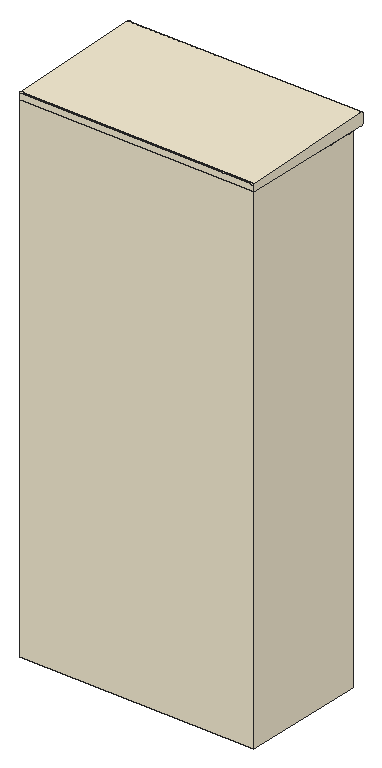
Revit family "Mailboxes_4C-Salsbury_Industries-Free_Standing-11_Door_High_Units", category Specialty Equipment, Revit 2016 (continued)
Definition of nested family "3700 Series 4C Door Configurations"
  Definition of nested family "3700 Series 4C Door Sizes"
    Reference planes (in)
      plane 12 "Center Lock Horizontal": z = 1.403
      plane 13 "Face of Lock": y = -0.45283
      plane 14 "Divider Height Align": z = 3.5
      plane 15 "Inset Center": x = -0.0975
      plane 16 "Inset Offset": y = -0.057
      plane 17: z = 2.00015
      plane 18: z = 1.25048
      plane 19: y = 0.03
      plane 20 "Inset Offset CBU": y = -0.084
      plane 21: y = -0.42589
      plane 22: y = -0.19257
      plane 23: y = -0.35387
      plane 24 "Front of Lock": y = -0.38087
      plane 25 "Y - Door Rotation": x = 6.21794
      plane 26 "X - Door Rotation": y = -0.20134
      plane 27 "Rotation Plane": y = -0.084
    Forms (in)
      Blend 1, solid, material <- "Lock Material", visible <- "Door Lock"
        base sketch origin (0, -0.057, -0.22652) x (-1, 0, 0) y (0, 0, 1)
          loop
            circle (5.5005, 1.625) r 0.525
        top sketch origin (0, -0.057, -0.22652) x (-1, 0, 0) y (0, 0, 1)
          loop
            circle (5.5005, 1.625) r 0.485
        from -0.027 to -0.32387
      Extrusion 2, void
        sketch origin (0, -0.38087, 0) x (1, 0, 0) y (0, 0, 1)
          loop
            circle (-5.5005, 1.27848) r 0.285
        from 0 to -0.01562
      Extrusion 3, void
        sketch origin (0, -0.38087, 0) x (1, 0, 0) y (0, 0, 1)
          loop
            line (-5.52983, 1.40678) -> (-5.52983, 1.10678) -> (-5.46983, 1.10678) -> (-5.46983, 1.40678) -> (-5.52983, 1.40678)
        from 0 to -0.03906
      Extrusion 4, void
        sketch origin (0, -0.084, 0) x (1, 0, 0) y (0, 0, 1)
          loop
            arc (-0.8475, 2.375) -> (-0.93589, 2.33839) -> (-0.9725, 2.25) r 0.125
            line (-0.9725, 2.25) -> (-0.9725, 1)
            arc (-0.9725, 1) -> (-0.93589, 0.91161) -> (-0.8475, 0.875) r 0.125
            line (-0.8475, 0.875) -> (0.6525, 0.875)
            arc (0.6525, 0.875) -> (0.74089, 0.91161) -> (0.7775, 1) r 0.125
            line (0.7775, 1) -> (0.7775, 2.25)
            arc (0.7775, 2.25) -> (0.74089, 2.33839) -> (0.6525, 2.375) r 0.125
            line (0.6525, 2.375) -> (-0.8475, 2.375)
        from 0 to -0.03906
      Extrusion 5, solid, material <- "Front Panel Material", visible <- "Door Visibility-MB1"
        sketch origin (0, 0, 0) x (1, 0, 0) y (0, 1, 0)
          loop
            line (6.4425, 0.03) -> (-6.4425, 0.03) -> (-6.4425, -0.19257) -> (-6.36909, -0.19257)
            arc (-6.36909, -0.19257) -> (-6.26461, -0.11247) -> (-6.13608, -0.084) r 0.30434
            line (-6.13608, -0.084) -> (5.82622, -0.084)
            arc (5.82622, -0.084) -> (5.92876, -0.11635) -> (5.99417, -0.20168) r 0.17868
            arc (5.99417, -0.20168) -> (6.21834, -0.42585) -> (6.4425, -0.20168) r 0.22416
            line (6.4425, -0.20168) -> (6.4425, 0.03)
        from 0 to 3.25
      Extrusion 6, void
        sketch origin (0.00036, 0.01084, 1.403) x (-0.999998, 0.001744, 0) y (-0.001744, -0.999998, 0)
          loop
            circle (-6.21794, 0.20134) r 0.06942
        from -1.403 to 1.847
    Cuts and joins
      Extrusion 2, Extrusion 3 cuts Blend 1
      Extrusion 4, Extrusion 6 cuts Extrusion 5
    Lines and regions (in)
      symbolic lines, visible <- "Visible Guides"
        curve 1: line (-6.4425, 0, 0) -> (-6.4425, 0, 3.25)
        curve 2: line (6.4425, 0, 0) -> (-6.4425, 0, 0)
        curve 3: line (6.4425, 0, 3.25) -> (6.4425, 0, 0)
        curve 4: line (6.2475, 0, 0) -> (6.2475, 0, 3.25)
        curve 5: line (6.4425, 0, 3.25) -> (-6.4425, 0, 3.25)
        curve 6: line (5.99283, 0, 0) -> (5.99283, 0, 3.25)
        curve 7: circle (-5.49983, 0, 1.40678) r 0.5256 normal (0, -1, 0)
      symbolic lines, visible <- "Door Visibility-MB1"
        curve 8: line (0.6525, 0, 2.375) -> (-0.8475, 0, 2.375)
        curve 9: arc (0.7775, 0, 2.25) -> (0.74089, 0, 2.33839) -> (0.6525, 0, 2.375) r 0.125
        curve 10: line (0.7775, 0, 1) -> (0.7775, 0, 2.25)
        curve 11: arc (0.6525, 0, 0.875) -> (0.74089, 0, 0.91161) -> (0.7775, 0, 1) r 0.125
        curve 12: line (-0.8475, 0, 0.875) -> (0.6525, 0, 0.875)
        curve 13: arc (-0.9725, 0, 1) -> (-0.93589, 0, 0.91161) -> (-0.8475, 0, 0.875) r 0.125
        curve 14: line (-0.9725, 0, 2.25) -> (-0.9725, 0, 1)
        curve 15: arc (-0.8475, 0, 2.375) -> (-0.93589, 0, 2.33839) -> (-0.9725, 0, 2.25) r 0.125
      reference lines
        curve 16: line (6.21794, -0.20134, 1.403) -> (6.21794, 0.03, 1.403)
    Dimensions and locks (in)
      equal spacing: plane 6 "Back Face of Door", plane 1 "Center (Front/Back)", plane 7 "Front Face of Door"
      "Door Depth": plane 6 "Back Face of Door" to plane 7 "Front Face of Door"
      equal spacing: plane 4 "Left Side Face of Door", plane 3 "Center (Left/Right)", plane 5 "Right Side Face of Door"  (x2)
      "Door Width": plane 4 "Left Side Face of Door" to plane 5 "Right Side Face of Door"
      plane 7 "Front Face of Door" to plane 10 "Face of Divider" = 0.411"
      "Center Lock-Vertical": plane 4 "Left Side Face of Door" to plane 11 "Center Lock Vertical"
      "Inset Offset": plane 16 "Inset Offset" to plane 7 "Front Face of Door"
      plane 4 "Left Side Face of Door" to plane 5 "Right Side Face of Door" = 12.885"
      plane 6 "Back Face of Door" to plane 10 "Face of Divider" = 0.525"  (x2)
      "Door Height": plane 8 to plane 2 "Bottom of Door"
      equal spacing: plane 8, plane 9, plane 2 "Bottom of Door"
      locked: plane 14 "Divider Height Align" to plane 8 at 0.25
      plane 17 to plane 9 to plane 18 = 0.37515" locked, 0.37452" locked
      plane 10 "Face of Divider" to plane 7 "Front Face of Door" = 0.411"
      locked: plane 10 "Face of Divider" to plane 13 "Face of Lock" at 0.01517
      plane 9 to plane 12 "Center Lock Horizontal" to plane 2 "Bottom of Door" = 0.222", 1.403"
      plane 6 "Back Face of Door" to plane 19 to plane 20 "Inset Offset CBU" = 0.027" locked, 0.114" locked
      plane 22 to plane 16 "Inset Offset" = 0.13557"
      plane 24 "Front of Lock" to plane 23 = 0.027"
      aligned and locked: level to plane 2 "Bottom of Door"
      aligned and locked: plane 18 to text3d elem
      aligned and locked: Extrusion 5 to plane 2 "Bottom of Door"
      aligned and locked: plane 8 to Extrusion 5
      aligned and locked: plane 24 "Front of Lock" to Blend 1
      aligned and locked: Blend 1 to plane 20 "Inset Offset CBU"
      aligned and locked: curve 9 to cut or joined group of Extrusion 4, Extrusion 5, Extrusion 6
      aligned and locked: curve 11 to cut or joined group of Extrusion 4, Extrusion 5, Extrusion 6
      aligned and locked: curve 13 to cut or joined group of Extrusion 4, Extrusion 5, Extrusion 6
      aligned and locked: curve 15 to cut or joined group of Extrusion 4, Extrusion 5, Extrusion 6
    Automatic sketch dimensions
      Blend 1 sketch curve to plane 9 = 0.22652"  (x2)
      plane 11 "Center Lock Vertical" to Blend 1 sketch curve = 0.000"  (x2)
      Extrusion 4 sketch curve to plane 18 = 0.25048"
      plane 15 "Inset Center" to Extrusion 4 sketch curve = 0.875"
      Extrusion 4 sketch curve to Extrusion 4 sketch curve = 0.125"  (x3)
      plane 3 "Center (Left/Right)" to Extrusion 4 sketch curve = 0.6525"  (x2)
      plane 17 to Extrusion 4 sketch curve = 0.24985"
      plane 11 "Center Lock Vertical" to Extrusion 3 sketch curve = 0.02933"
      Extrusion 3 sketch curve to plane 11 "Center Lock Vertical" = 0.03067"
      Extrusion 3 sketch curve to plane 18 = 0.1437"
      plane 12 "Center Lock Horizontal" to Extrusion 3 sketch curve = 0.00378"
      Extrusion 2 sketch curve to Extrusion 2 sketch curve = 0.000"  (x2)
      plane 11 "Center Lock Vertical" to Extrusion 2 sketch curve = 0.000"
      plane 18 to Extrusion 2 sketch curve = 0.028"
      Extrusion 2 sketch curve to plane 18 = 0.257"
      curve 1 to level = 0.000"
      plane 4 "Left Side Face of Door" to curve 5 = 0.000"
      curve 6 to plane 8 = 0.000"
      plane 5 "Right Side Face of Door" to curve 2 = 0.000"
      curve 7 to plane 11 "Center Lock Vertical" = 0.00067"
      plane 12 "Center Lock Horizontal" to curve 7 = 0.00378"
      curve 6 to plane 25 "Y - Door Rotation" = 0.22512"
      plane 25 "Y - Door Rotation" to curve 4 = 0.02956"
      Extrusion 5 sketch curve to plane 4 "Left Side Face of Door" = 0.000"
      Extrusion 5 sketch curve to plane 22 = 0.000"
      plane 20 "Inset Offset CBU" to Extrusion 5 sketch curve = 0.000"
      Extrusion 5 sketch curve to plane 5 "Right Side Face of Door" = 0.000"
      Extrusion 5 sketch curve to plane 19 = 0.000"
      Extrusion 5 sketch curve to plane 4 "Left Side Face of Door" = 0.07341"
      Extrusion 5 sketch curve to Extrusion 5 sketch curve = 0.23301"
      Extrusion 5 sketch curve to plane 25 "Y - Door Rotation" = 0.39172"
      plane 26 "X - Door Rotation" to Extrusion 5 sketch curve = 0.00035"
      plane 25 "Y - Door Rotation" to Extrusion 5 sketch curve = 0.00039"
      plane 19 to curve 16 = 0.000"
      curve 16 to plane 25 "Y - Door Rotation" = 0.000"
      plane 26 "X - Door Rotation" to curve 16 = 0.000"
      Extrusion 6 sketch curve to plane 25 "Y - Door Rotation" = 0.000"
      plane 26 "X - Door Rotation" to Extrusion 6 sketch curve = 0.000"
      radius of Blend 1 sketch curve = 0.525"
      radius of Blend 1 sketch curve = 0.485"
      radius of curve 7 = 0.5256"
      radius of Extrusion 6 sketch curve = 0.06942"
Definition of nested family "3700 Series 4C OM2 Configuration"
  Parameters (values of type "OM2-FL")
    Weight = ""
    Visible = yes
    URL = ""
    Default Elevation = 48.000"
    Compartment Doors Open = 0.00°
    Access Lock Offset = 0.000"
    Access Lock = yes
    Model = "3700 OM2-FL"
    Manufacturer = "Salsbury Industries"
    Lock Material = none
    Front Panel Material = none
    Door Width = 12.885"
    Door Number [instance] = "101"
    Door Height = 7.00047"
    Door Depth = 0.25391"
    Description = "OM2 Door for 3700 Series 4C Mailboxes-Front Loading"
    Cost = 0
    Center Lock-Vertical = 2.360"
    Center Lock-Horizontal = 1.96253"
  Types (3): name | Visible | Access Lock Offset | Access Lock
    OM2-FL | yes | 0.000" | yes
    OM2-RL | yes | 0.310" | no
    Empty | no | 0.000" | yes
  Reference planes (in)
    plane 1 "Center (Front/Back)": y = 0
    plane 2 "Bottom of Door": z = 0
    plane 3 "Center (Left/Right)": x = 0
    plane 4 "Left Side Face of Door": x = -6.4425
    plane 5 "Right Side Face of Door": x = 6.4425
    plane 6 "Back Face of Door": y = 0.12695
    plane 7 "Front Face of Door": y = -0.12695
    plane 8: z = 3.25
    plane 9: y = -0.46995
    plane 10 "Face of Lock": y = -0.42383
    plane 11 "Divider Height Align": z = 3.5
    plane 12 "Face of Mail Plate": y = -0.16602
    plane 13 "Top of Mail Drop Door": z = 6.73094
    plane 14 "Top of Mail Drop Divider": z = 7.00047
    plane 15 "Face of Mail Drop": y = -0.31995
    plane 16 "Top of Mail Slot": z = 6.42087
    plane 17 "Bottom of Mail Slot": z = 5.67087
    plane 18 "Left Edge of Mail Slot": x = -5.1305
    plane 19 "Right Edge of Mail Slot": x = 5.1305
    plane 20 "Mail Slot Bottom Protusion": z = 6.50987
    plane 21: y = -0.49395
    plane 22: z = 6.15637
    plane 23 "Front of Awning": y = -1.63495
    plane 24: y = -1.15685
    plane 25 "Mail Slot Slope": through (-240, -0.44582, 6.9722) normal (0, -0.5, 0.866)
    plane 26 "Access Lock Offset": y = 0.12695
    plane 27 "X - Door Rotation": y = -0.24166
    plane 28 "Y - Door Rotation": x = 6.2175
    plane 29 "Front of Divider": y = -0.50866
  Forms (in)
    Extrusion 1, solid, material <- "Front Panel Material", visible <- "Visible"
      sketch origin (0, 0, 3.5) x (-1, 0, 0) y (0, -1, 0)
        loop
          line (6.4425, -0.12695) -> (6.4425, 0.46995) -> (-6.4425, 0.46995) -> (-6.4425, -0.12695) -> (6.4425, -0.12695)
      from -0.25 to 0
    Extrusion 2, solid, material <- "Front Panel Material", visible <- "Visible"
      sketch origin (-2.13946, 0, 3.5) x (-1, 0, 0) y (0, -1, 0)
        loop
          line (4.30304, -0.12695) -> (4.30304, 0.31995) -> (-8.58196, 0.31995) -> (-8.58196, -0.12695) -> (4.30304, -0.12695)
      from 0 to 3.0094
    Extrusion 3, void
      sketch origin (0, -0.31995, 0) x (0, 0, -1) y (-1, 0, 0)
        loop
          arc (-5.67087, 4.7555) -> (-6.04587, 5.1305) -> (-6.42087, 4.7555) r 0.375
          line (-6.42087, 4.7555) -> (-6.42087, -4.7555)
          arc (-6.42087, -4.7555) -> (-6.04587, -5.1305) -> (-5.67087, -4.7555) r 0.375
          line (-5.67087, -4.7555) -> (-5.67087, 4.7555)
      from 0 to 0.44691
    Extrusion 4, solid, material <- "Front Panel Material", visible <- "Visible"
      sketch origin (0, 0, 0) x (0, 1, 0) y (0, 0, 1)
        loop
          line (0.12695, 6.50987) -> (0.12695, 7.00047) -> (-0.46995, 7.00047) -> (-0.75605, 6.83078) -> (-0.73973, 6.80251) -> (-1.27431, 6.49388) -> (-1.29063, 6.52214) -> (-1.61027, 6.3376)
          arc (-1.61027, 6.3376) -> (-1.63087, 6.31111) -> (-1.62714, 6.27777) r 0.04454
          line (-1.62714, 6.27777) -> (-1.5282, 6.17883)
          arc (-1.5282, 6.17883) -> (-1.4937, 6.16211) -> (-1.4558, 6.15637) r 0.12791
          line (-1.4558, 6.15637) -> (-1.10623, 6.15637) -> (-0.49395, 6.50987) -> (0.12695, 6.50987)
      from -6.4425 to 6.4425
  Cuts and joins
    Extrusion 3 cuts Extrusion 2
  Lines and regions (in)
    symbolic lines
      curve 1: line (-6.4425, -0.12695, 7.00047) -> (6.4425, -0.12695, 7.00047)
      curve 2: line (-6.4425, -0.12695, 3.25) -> (-6.4425, -0.12695, 7.00047)
      curve 3: line (6.4425, -0.12695, 7.00047) -> (6.4425, -0.12695, 3.25)
      curve 4: line (-6.4425, -0.12695, 3.5) -> (6.4425, -0.12695, 3.5)
      curve 5: line (-6.4425, -0.12695, 6.15637) -> (6.4425, -0.12695, 6.15637)
      curve 6: line (4.7555, -0.12695, 5.67087) -> (-4.7555, -0.12695, 5.67087)
      curve 7: arc (5.11385, -0.12695, 6.15637) -> (5.05721, -0.12695, 5.82317) -> (4.7555, -0.12695, 5.67087) r 0.375
      curve 8: arc (-4.7555, -0.12695, 5.67087) -> (-5.05721, -0.12695, 5.82317) -> (-5.11385, -0.12695, 6.15637) r 0.375
      curve 11: line (0, -0.46995, 7.00047) -> (0, -0.75605, 6.83078)
      curve 12: line (0, -0.73973, 6.80251) -> (0, -1.27431, 6.49388)
      curve 13: line (0, -0.75605, 6.83078) -> (0, -0.73973, 6.80251)
      curve 14: line (0, -1.27431, 6.49388) -> (0, -1.29063, 6.52214)
      curve 15: line (0, -1.29063, 6.52214) -> (0, -1.61027, 6.3376)
      curve 16: arc (0, -1.61027, 6.3376) -> (0, -1.63087, 6.31111) -> (0, -1.62714, 6.27777) r 0.04454
      curve 17: line (0, -1.62714, 6.27777) -> (0, -1.5282, 6.17883)
      curve 18: arc (0, -1.5282, 6.17883) -> (0, -1.4937, 6.16211) -> (0, -1.4558, 6.15637) r 0.12791
      curve 19: line (0, -1.4558, 6.15637) -> (0, -1.10623, 6.15637)
      curve 20: line (0, -1.10623, 6.15637) -> (0, -0.49395, 6.50987)
    reference lines
      curve 9: line (6.2175, -0.24166, 6.50987) -> (5.30416, -0.24166, 6.50987)
      curve 10: line (6.2175, -0.24166, 6.50987) -> (6.2175, -1.10401, 6.50987)
  Dimensions and locks (in)
    equal spacing: plane 6 "Back Face of Door", plane 1 "Center (Front/Back)", plane 7 "Front Face of Door"
    "Door Depth": plane 6 "Back Face of Door" to plane 7 "Front Face of Door"
    equal spacing: plane 4 "Left Side Face of Door", plane 3 "Center (Left/Right)", plane 5 "Right Side Face of Door"
    "Door Width": plane 4 "Left Side Face of Door" to plane 5 "Right Side Face of Door"
    plane 8 to level = 3.250"  (x2)
    locked: plane 7 "Front Face of Door" to plane 9 at 0.343
    plane 11 "Divider Height Align" to plane 8 = 0.250"
    plane 14 "Top of Mail Drop Divider" to plane 13 "Top of Mail Drop Door" to plane 11 "Divider Height Align" = 0.26953" locked, 3.23094"
    "Door Height": plane 14 "Top of Mail Drop Divider" to level
    plane 15 "Face of Mail Drop" to plane 9 = 0.150"
    locked: plane 14 "Top of Mail Drop Divider" to plane 16 "Top of Mail Slot" at 0.5796
    locked: plane 16 "Top of Mail Slot" to plane 17 "Bottom of Mail Slot" at 0.75
    locked: plane 4 "Left Side Face of Door" to plane 18 "Left Edge of Mail Slot" at 1.312
    locked: plane 19 "Right Edge of Mail Slot" to plane 5 "Right Side Face of Door" at 1.312
    locked: plane 20 "Mail Slot Bottom Protusion" to plane 16 "Top of Mail Slot" at 0.089
    plane 15 "Face of Mail Drop" to plane 21 = 0.174"
    plane 20 "Mail Slot Bottom Protusion" to plane 22 = 0.3535"
    plane 15 "Face of Mail Drop" to plane 23 "Front of Awning" = 1.315"
    plane 4 "Left Side Face of Door" to plane 5 "Right Side Face of Door" = 12.885"
    plane 6 "Back Face of Door" to plane 23 "Front of Awning" = 1.76191"
    "Access Lock Offset": plane 26 "Access Lock Offset" to plane 6 "Back Face of Door"
    locked: plane 28 "Y - Door Rotation" to plane 5 "Right Side Face of Door" at 0.225
    locked: plane 29 "Front of Divider" to plane 27 "X - Door Rotation" at 0.267
    locked: curve 9 to curve 10 (angle 90.00°)
    "Compartment Doors Open": angle plane 7 "Front Face of Door" to curve 9
    aligned and locked: level to plane 2 "Bottom of Door"
    aligned and locked: Extrusion 1 sketch curve to plane 4 "Left Side Face of Door"
    aligned and locked: Extrusion 1 sketch curve to plane 6 "Back Face of Door"
    aligned and locked: plane 5 "Right Side Face of Door" to Extrusion 1 sketch curve
    aligned and locked: Extrusion 1 to plane 8
    aligned and locked: plane 9 to Extrusion 1 sketch curve
    aligned and locked: plane 11 "Divider Height Align" to Extrusion 1
    aligned and locked: plane 4 "Left Side Face of Door" to Extrusion 1
    aligned and locked: Extrusion 1 to plane 5 "Right Side Face of Door"
    aligned and locked: Extrusion 2 to plane 15 "Face of Mail Drop"
    aligned and locked: plane 16 "Top of Mail Slot" to Extrusion 3 sketch curve
    aligned and locked: cut or joined group of Extrusion 2, Extrusion 3 to cut or joined group of Extrusion 2, Extrusion 3
    aligned and locked: Extrusion 4 to plane 5 "Right Side Face of Door"
    aligned and locked: plane 4 "Left Side Face of Door" to Extrusion 4
    aligned and locked: curve 1 to Extrusion 4
    aligned and locked: curve 2 to Extrusion 4
    aligned and locked: curve 4 to Extrusion 1
    aligned and locked: curve 5 to Extrusion 4
    aligned and locked: curve 7 to cut or joined group of Extrusion 2, Extrusion 3
    aligned and locked: curve 8 to cut or joined group of Extrusion 2, Extrusion 3
    aligned and locked: plane 27 "X - Door Rotation" to curve 10
    aligned and locked: plane 28 "Y - Door Rotation" to curve 10
  Automatic sketch dimensions
    Extrusion 2 sketch curve to plane 5 "Right Side Face of Door" = 0.000"
    Extrusion 2 sketch curve to plane 4 "Left Side Face of Door" = 0.000"
    Extrusion 2 sketch curve to plane 6 "Back Face of Door" = 0.000"
    Extrusion 2 sketch curve to plane 15 "Face of Mail Drop" = 0.000"
    Extrusion 3 sketch curve to plane 17 "Bottom of Mail Slot" = 0.000"
    plane 19 "Right Edge of Mail Slot" to Extrusion 3 sketch curve = 0.375"
    Extrusion 3 sketch curve to plane 18 "Left Edge of Mail Slot" = 0.375"
    Extrusion 4 sketch curve to plane 22 = 0.000"
    Extrusion 4 sketch curve to plane 25 "Mail Slot Slope" = 0.000"  (x2)
    Extrusion 4 sketch curve to plane 20 "Mail Slot Bottom Protusion" = 0.000"
    Extrusion 4 sketch curve to plane 21 = 0.000"
    Extrusion 4 sketch curve to plane 9 = 0.000"
    Extrusion 4 sketch curve to plane 6 "Back Face of Door" = 0.000"
    Extrusion 4 sketch curve to plane 14 "Top of Mail Drop Divider" = 0.000"
    plane 13 "Top of Mail Drop Door" to Extrusion 4 sketch curve = 0.07158"
    plane 13 "Top of Mail Drop Door" to Extrusion 4 sketch curve = 0.09984"
    plane 24 to Extrusion 4 sketch curve = 0.05062"
    Extrusion 4 sketch curve to plane 20 "Mail Slot Bottom Protusion" = 0.01599"
    plane 20 "Mail Slot Bottom Protusion" to Extrusion 4 sketch curve = 0.01227"
    plane 23 "Front of Awning" to Extrusion 4 sketch curve = 0.17915"
    plane 22 to Extrusion 4 sketch curve = 0.02246"
    Extrusion 4 sketch curve to Extrusion 4 sketch curve = 0.0724"
    plane 23 "Front of Awning" to Extrusion 4 sketch curve = 0.04696"
    plane 23 "Front of Awning" to Extrusion 4 sketch curve = 0.02469"
    plane 23 "Front of Awning" to Extrusion 4 sketch curve = 0.00781"
    Extrusion 4 sketch curve to Extrusion 4 sketch curve = 0.05983"
    plane 5 "Right Side Face of Door" to curve 5 = 0.000"
    curve 12 to plane 25 "Mail Slot Slope" = 0.000"  (x2)
    curve 11 to plane 9 = 0.000"
    curve 11 to plane 14 "Top of Mail Drop Divider" = 0.000"
    plane 13 "Top of Mail Drop Door" to curve 13 = 0.07158"
    plane 13 "Top of Mail Drop Door" to curve 13 = 0.09984"
    curve 12 to plane 20 "Mail Slot Bottom Protusion" = 0.01599"
    plane 20 "Mail Slot Bottom Protusion" to curve 14 = 0.01227"
    plane 23 "Front of Awning" to curve 15 = 0.02469"
    curve 16 to curve 16 = 0.02227"
    curve 16 to curve 16 = 0.03857"
    plane 23 "Front of Awning" to curve 16 = 0.00781"
    plane 22 to curve 17 = 0.02246"
    plane 23 "Front of Awning" to curve 17 = 0.10675"
    curve 18 to plane 22 = 0.000"
    plane 22 to curve 18 = 0.12791"
    plane 24 to curve 19 = 0.05062"
    curve 20 to plane 20 "Mail Slot Bottom Protusion" = 0.000"
    curve 20 to plane 21 = 0.000"
    curve 2 to plane 8 = 0.000"
    curve 3 to plane 8 = 0.000"
  Nested families (in)
    nested 1: "3700 Series 4C OM Access Door" at (0, 0, 0), visible <- "Visible", type "OM2-FL"
      with Door Number "101"
  Definition of nested family "3700 Series 4C OM Access Door"
    Parameters (values of type "OM2-FL")
      Weight = ""
      URL = ""
      Default Elevation = 48.000"
      Compartment Doors Open = 0.00°
      Access Lock Offset = 0.000"
      Access Lock = yes
      Model = "3700OM2-FL"
      Manufacturer = "Salsbury Industries"
      Lock Material = none
      Front Panel Material = none
      Door Width = 12.885"
      Door Number [instance] = "101"
      Door Height = 7.00047"
      Door Depth = 0.25391"
      Description = "OM2 Door for 3700 Series 4C Mailboxes-Front Loading"
      Cost = 0
      Center Lock-Vertical = 2.360"
      Center Lock-Horizontal = 1.96253"
    Types (2): name | Access Lock Offset | Access Lock | Model | Description
      OM2-FL | 0.000" | yes | "3700OM2-FL" | "OM2 Door for 3700 Series 4C Mailboxes-Front Loading"
      OM2-RL | 0.310" | no | "3700OM2-RL" | "OM2 Door for 3700 Series 4C Mailboxes-Rear Loading"
    Reference planes (in)
      plane 1 "Center (Front/Back)": y = 0
      plane 2 "Bottom of Door": z = 0
      plane 3 "Center (Left/Right)": x = 0
      plane 4 "Left Side Face of Door": x = -6.4425
      plane 5 "Right Side Face of Door": x = 6.4425
      plane 6 "Back Face of Door": y = 0.12695
      plane 7 "Front Face of Door": y = -0.12695
      plane 8: z = 3.25
      plane 9: z = 1.625
      plane 10: y = -0.46995
      plane 11 "Center Lock Vertical": x = -4.0825
      plane 12 "Center Lock Horizontal": z = 1.28747
      plane 13 "Face of Lock": y = -0.42383
      plane 14 "Plate Center": x = -0.16063
      plane 15 "Left Stud Align": x = -5.4575
      plane 16 "Right Stud Align": x = -2.6445
      plane 17 "Top Stud Align": z = 1.93
      plane 18 "Bottom Stud Align": z = 0.625
      plane 19 "Hinge Stud Align": x = 5.4425
      plane 20 "Mail Plate Top": z = 2.625
      plane 21 "Mail Plate Bottom": z = 0.61547
      plane 22: x = -1.9145
      plane 23: x = 2.0855
      plane 24 "Face of Mail Plate": y = -0.16602
      plane 25 "Face of Mail Drop": y = -0.31995
      plane 26: y = -0.50864
      plane 27 "Front of Awning": y = -1.63495
      plane 28: y = -1.15685
      plane 29 "Mail Slot Slope": through (-240, -0.44582, 6.9722) normal (0, -0.5, 0.866)
      plane 30 "Access Lock Offset": y = 0.12695
      plane 31 "X - Door Rotation": y = -0.24164
      plane 32 "Y - Door Rotation": x = 6.2175
    Forms (in)
      Extrusion 1, solid, material <- "Front Panel Material"
        sketch origin (0, 0, 0) x (1, 0, 0) y (0, 1, 0)
          loop
            line (-6.4425, 0.12695) -> (-6.4425, -0.12695) -> (5.81125, -0.12695)
            arc (5.81125, -0.12695) -> (5.95058, -0.17661) -> (6.02709, -0.3032) r 0.22029
            arc (6.02709, -0.3032) -> (6.1103, -0.42132) -> (6.2475, -0.46664) r 0.23034
            arc (6.2475, -0.46664) -> (6.38539, -0.40952) -> (6.4425, -0.27164) r 0.195
            line (6.4425, -0.27164) -> (6.4425, 0.12695) -> (-6.4425, 0.12695)
        from 0 to 3.25
      Extrusion 2, void
        sketch origin (0, 0.12695, -0.32777) x (0, 0, -1) y (-1, 0, 0)
          loop
            circle (-1.625, 4.0825) r 0.4375
        from 0 to -0.25391
      Extrusion 3, solid, material <- "Lock Material", visible <- "Access Lock"
        sketch origin (0, 0.12695, -0.32777) x (0, 0, -1) y (-1, 0, 0)
          loop
            circle (-1.625, 4.0825) r 0.42913
        from 0 to -0.25391
      Extrusion 4, void, detail levels fine
        sketch origin (0, 0.12695, 3.07223) x (-1, 0, 0) y (0, 0, 1)
          loop
            line (4.1118, -1.46541) -> (4.0532, -1.46541) -> (4.0532, -2.08459) -> (4.1118, -2.08459) -> (4.1118, -1.46541)
        from -0.12695 to -0.25391
      Blend 5, solid, material <- "Front Panel Material", detail levels medium+fine
        base sketch origin (0, -0.12695, 2.68123) x (-1, 0, 0) y (0, 0, 1)
          loop
            circle (5.4575, -0.75123) r 0.15665
        top sketch origin (0, -0.12695, 2.68123) x (-1, 0, 0) y (0, 0, 1)
          loop
            circle (5.4575, -0.75123) r 0.218
        from -0.11328 to 0
      Blend 6, solid, material <- "Front Panel Material", detail levels medium+fine
        base sketch origin (1.3125, -0.12695, 2.68123) x (-1, 0, 0) y (0, 0, 1)
          loop
            circle (3.957, -0.75123) r 0.15665
        top sketch origin (1.3125, -0.12695, 2.68123) x (-1, 0, 0) y (0, 0, 1)
          loop
            circle (3.957, -0.75123) r 0.218
        from -0.11328 to 0
      Blend 7, solid, material <- "Front Panel Material", detail levels medium+fine
        base sketch origin (0, -0.12695, 1.36923) x (-1, 0, 0) y (0, 0, 1)
          loop
            circle (5.4575, -0.74423) r 0.15665
        top sketch origin (0, -0.12695, 1.36923) x (-1, 0, 0) y (0, 0, 1)
          loop
            circle (5.4575, -0.74423) r 0.218
        from -0.11328 to 0
      Blend 8, solid, material <- "Front Panel Material", detail levels medium+fine
        base sketch origin (1.3125, -0.12695, 1.36923) x (-1, 0, 0) y (0, 0, 1)
          loop
            circle (3.957, -0.74423) r 0.15665
        top sketch origin (1.3125, -0.12695, 1.36923) x (-1, 0, 0) y (0, 0, 1)
          loop
            circle (3.957, -0.74423) r 0.218
        from -0.11328 to 0
      Blend 9, solid, material <- "Front Panel Material", detail levels medium+fine
        base sketch origin (10.202, -0.12695, 2.37623) x (-1, 0, 0) y (0, 0, 1)
          loop
            circle (4.447, -0.75123) r 0.15665
        top sketch origin (10.202, -0.12695, 2.37623) x (-1, 0, 0) y (0, 0, 1)
          loop
            circle (4.447, -0.75123) r 0.235
        from -0.11328 to 0
      Blend 10, solid, material <- "Front Panel Material", detail levels medium+fine
        base sketch origin (10.202, -0.12695, 1.36923) x (-1, 0, 0) y (0, 0, 1)
          loop
            circle (4.447, -0.74423) r 0.15665
        top sketch origin (10.202, -0.12695, 1.36923) x (-1, 0, 0) y (0, 0, 1)
          loop
            circle (4.447, -0.74423) r 0.235
        from -0.11328 to 0
      Extrusion 11, solid, material <- "Lock Material"
        sketch origin (0, -0.12695, 0) x (-1, 0, 0) y (0, 0, 1)
          loop
            line (1.7085, 2.625) -> (-1.88628, 2.625)
            arc (-1.88628, 2.625) -> (-2.02715, 2.56665) -> (-2.0855, 2.42578) r 0.19922
            line (-2.0855, 2.42578) -> (-2.0855, 0.81469)
            arc (-2.0855, 0.81469) -> (-2.02715, 0.67382) -> (-1.88628, 0.61547) r 0.19922
            line (-1.88628, 0.61547) -> (1.70828, 0.61547)
            arc (1.70828, 0.61547) -> (1.8541, 0.67587) -> (1.9145, 0.82169) r 0.20622
            line (1.9145, 0.82169) -> (1.9145, 2.419)
            arc (1.9145, 2.419) -> (1.85416, 2.56466) -> (1.7085, 2.625) r 0.206
        from 0 to -0.03906
      Blend 12, solid, material <- "Front Panel Material", detail levels medium+fine
        base sketch origin (10.202, -0.12695, 3.23823) x (-1, 0, 0) y (0, 0, 1)
          loop
            circle (4.447, -0.61323) r 0.15665
        top sketch origin (10.202, -0.12695, 3.23823) x (-1, 0, 0) y (0, 0, 1)
          loop
            circle (4.447, -0.61323) r 0.235
        from -0.11328 to 0
      Blend 13, solid, material <- "Front Panel Material", detail levels medium+fine
        base sketch origin (3.9436, -0.12695, 5.77512) x (0, 0, -1) y (-1, 0, 0)
          loop
            circle (4.447, -0.75123) r 0.15665
        top sketch origin (3.9436, -0.12695, 5.77512) x (0, 0, -1) y (-1, 0, 0)
          loop
            circle (4.447, -0.75123) r 0.235
        from -0.11328 to 0
      Extrusion 14, void
        sketch origin (0, 0, 0) x (1, 0, 0) y (0, 1, 0)
          loop
            circle (6.2175, -0.24164) r 0.069
        from 3.25 to 0
    Cuts and joins
      Extrusion 2, Extrusion 14 cuts Extrusion 1
      Extrusion 4 cuts Extrusion 3
    Lines and regions (in)
      symbolic lines
        curve 1: circle (-5.4575, -0.12695, 1.93) r 0.218 normal (0, 1, 0)
        curve 2: circle (-5.4575, -0.12695, 0.625) r 0.218 normal (0, 1, 0)
        curve 3: circle (-2.6445, -0.12695, 0.625) r 0.218 normal (0, 1, 0)
        curve 4: circle (-2.6445, -0.12695, 1.93) r 0.218 normal (0, 1, 0)
        curve 5: circle (-4.0825, -0.12695, 1.29723) r 0.42913 normal (0, 1, 0)
        curve 6: circle (5.755, -0.12695, 0.625) r 0.235 normal (0, 1, 0)
        curve 7: circle (5.755, -0.12695, 1.625) r 0.235 normal (0, 1, 0)
        curve 8: line (-1.9145, -0.12695, 0.82169) -> (-1.9145, -0.12695, 2.419)
        curve 9: line (-1.7085, -0.12695, 2.625) -> (1.88628, -0.12695, 2.625)
        curve 10: line (2.0855, -0.12695, 2.42578) -> (2.0855, -0.12695, 0.81469)
        curve 11: line (1.88628, -0.12695, 0.61547) -> (-1.70828, -0.12695, 0.61547)
        curve 12: circle (5.755, -0.12695, 2.625) r 0.235 normal (0, 1, 0)
        curve 13: circle (4.69484, -0.12695, 1.32813) r 0.25 normal (0, 1, 0)
        curve 14: arc (-1.9145, -0.12695, 2.419) -> (-1.85416, -0.12695, 2.56466) -> (-1.7085, -0.12695, 2.625) r 0.206
        curve 15: arc (1.88628, -0.12695, 2.625) -> (2.02715, -0.12695, 2.56665) -> (2.0855, -0.12695, 2.42578) r 0.19922
        curve 16: arc (2.0855, -0.12695, 0.81469) -> (2.02715, -0.12695, 0.67382) -> (1.88628, -0.12695, 0.61547) r 0.19922
        curve 17: arc (-1.70828, -0.12695, 0.61547) -> (-1.8541, -0.12695, 0.67587) -> (-1.9145, -0.12695, 0.82169) r 0.20622
        curve 18: line (-6.4425, -0.12695, 0) -> (-6.4425, -0.12695, 3.25)
        curve 19: line (6.4425, -0.12695, 0) -> (-6.4425, -0.12695, 0)
        curve 20: line (6.4425, -0.12695, 3.25) -> (6.4425, -0.12695, 0)
        curve 21: line (6.4425, -0.12695, 3.25) -> (-6.4425, -0.12695, 3.25)
    Dimensions and locks (in)
      equal spacing: plane 6 "Back Face of Door", plane 1 "Center (Front/Back)", plane 7 "Front Face of Door"
      "Door Depth": plane 6 "Back Face of Door" to plane 7 "Front Face of Door"
      equal spacing: plane 4 "Left Side Face of Door", plane 3 "Center (Left/Right)", plane 5 "Right Side Face of Door"
      "Door Width": plane 4 "Left Side Face of Door" to plane 5 "Right Side Face of Door"
      plane 8 to level = 3.250"
      equal spacing: plane 8, plane 9, level
      locked: plane 7 "Front Face of Door" to plane 10 at 0.343
      "Center Lock-Vertical": plane 4 "Left Side Face of Door" to plane 11 "Center Lock Vertical"
      "Center Lock-Horizontal": plane 8 to plane 12 "Center Lock Horizontal"
      plane 4 "Left Side Face of Door" to plane 15 "Left Stud Align" to plane 16 "Right Stud Align" = 0.985", 2.813"
      plane 8 to plane 17 "Top Stud Align" to plane 18 "Bottom Stud Align" = 1.320", 1.305"
      plane 19 "Hinge Stud Align" to plane 5 "Right Side Face of Door" = 1.000"
      plane 8 to plane 20 "Mail Plate Top" to plane 21 "Mail Plate Bottom" = 0.625", 2.00953"
      plane 4 "Left Side Face of Door" to plane 22 to plane 23 = 4.528", 4.000"
      plane 25 "Face of Mail Drop" to plane 10 = 0.150"
      plane 25 "Face of Mail Drop" to plane 26 = 0.18868"
      plane 25 "Face of Mail Drop" to plane 27 "Front of Awning" = 1.315"
      plane 4 "Left Side Face of Door" to plane 5 "Right Side Face of Door" = 12.885"
      plane 6 "Back Face of Door" to plane 27 "Front of Awning" = 1.76191"
      "Access Lock Offset": plane 30 "Access Lock Offset" to plane 6 "Back Face of Door"
      plane 18 "Bottom Stud Align" to plane 2 "Bottom of Door" = 0.625"
      plane 12 "Center Lock Horizontal" to plane 2 "Bottom of Door" = 1.28747"
      plane 20 "Mail Plate Top" to plane 9 to plane 18 "Bottom Stud Align" = 1.000", 1.000"
      plane 32 "Y - Door Rotation" to plane 5 "Right Side Face of Door" = 0.225"
      locked: plane 26 to plane 31 "X - Door Rotation" at 0.267
      cut or joined group of Extrusion 1, Extrusion 2, Extrusion 14 to plane 26 = 0.042"
      aligned and locked: level to plane 2 "Bottom of Door"
      aligned and locked: plane 4 "Left Side Face of Door" to Extrusion 1
      aligned and locked: plane 6 "Back Face of Door" to Extrusion 1
      aligned and locked: plane 7 "Front Face of Door" to Extrusion 1
      aligned and locked: Extrusion 1 to level
      aligned and locked: plane 8 to Extrusion 1
      aligned and locked: cut or joined group of Extrusion 1, Extrusion 2, Extrusion 14 to plane 2 "Bottom of Door"
      aligned and locked: curve 19 to cut or joined group of Extrusion 1, Extrusion 2, Extrusion 14
      aligned and locked: curve 20 to cut or joined group of Extrusion 1, Extrusion 2, Extrusion 14
    Automatic sketch dimensions
      plane 11 "Center Lock Vertical" to Extrusion 2 sketch curve = 0.000"
      plane 12 "Center Lock Horizontal" to Extrusion 2 sketch curve = 0.00977"
      plane 11 "Center Lock Vertical" to Extrusion 3 sketch curve = 0.000"
      plane 12 "Center Lock Horizontal" to Extrusion 3 sketch curve = 0.00977"
      Extrusion 4 sketch curve to plane 11 "Center Lock Vertical" = 0.0293"
      plane 11 "Center Lock Vertical" to Extrusion 4 sketch curve = 0.0293"
      Extrusion 4 sketch curve to plane 12 "Center Lock Horizontal" = 0.29983"
      Extrusion 4 sketch curve to plane 9 = 0.01817"
      plane 15 "Left Stud Align" to Blend 5 sketch curve = 0.000"  (x2)
      Blend 5 sketch curve to plane 17 "Top Stud Align" = 0.000"  (x2)
      plane 16 "Right Stud Align" to Blend 6 sketch curve = 0.000"  (x2)
      Blend 6 sketch curve to plane 17 "Top Stud Align" = 0.000"  (x2)
      plane 15 "Left Stud Align" to Blend 7 sketch curve = 0.000"  (x2)
      Blend 7 sketch curve to plane 18 "Bottom Stud Align" = 0.000"  (x2)
      plane 16 "Right Stud Align" to Blend 8 sketch curve = 0.000"  (x2)
      Blend 8 sketch curve to plane 18 "Bottom Stud Align" = 0.000"  (x2)
      Blend 9 sketch curve to plane 9 = 0.000"  (x2)
      Blend 9 sketch curve to plane 19 "Hinge Stud Align" = 0.3125"  (x2)
      Blend 10 sketch curve to plane 18 "Bottom Stud Align" = 0.000"  (x2)
      Blend 10 sketch curve to plane 19 "Hinge Stud Align" = 0.3125"  (x2)
      plane 23 to Extrusion 11 sketch curve = 0.000"
      Extrusion 11 sketch curve to plane 21 "Mail Plate Bottom" = 0.000"
      Extrusion 11 sketch curve to plane 20 "Mail Plate Top" = 0.000"
      plane 22 to Extrusion 11 sketch curve = 0.000"
      plane 23 to Extrusion 11 sketch curve = 0.19922"  (x2)
      plane 17 "Top Stud Align" to Extrusion 11 sketch curve = 0.489"
      plane 18 "Bottom Stud Align" to Extrusion 11 sketch curve = 0.19669"
      Blend 12 sketch curve to plane 19 "Hinge Stud Align" = 0.3125"  (x2)
      Blend 12 sketch curve to plane 20 "Mail Plate Top" = 0.000"  (x2)
      plane 12 "Center Lock Horizontal" to Blend 13 sketch curve = 0.04066"  (x2)
      plane 19 "Hinge Stud Align" to Blend 13 sketch curve = 0.74766"  (x2)
      curve 6 to plane 18 "Bottom Stud Align" = 0.000"
      curve 7 to plane 9 = 0.000"
      curve 12 to plane 20 "Mail Plate Top" = 0.000"
      plane 23 to curve 16 = 0.000"
      curve 11 to plane 21 "Mail Plate Bottom" = 0.000"
      curve 15 to plane 20 "Mail Plate Top" = 0.000"
      plane 22 to curve 8 = 0.000"
      plane 16 "Right Stud Align" to curve 4 = 0.000"
      plane 16 "Right Stud Align" to curve 3 = 0.000"
      plane 11 "Center Lock Vertical" to curve 5 = 0.000"
      plane 15 "Left Stud Align" to curve 2 = 0.000"
      plane 15 "Left Stud Align" to curve 1 = 0.000"
      plane 4 "Left Side Face of Door" to curve 18 = 0.000"
      curve 2 to plane 18 "Bottom Stud Align" = 0.000"
      curve 3 to plane 18 "Bottom Stud Align" = 0.000"
      curve 1 to plane 17 "Top Stud Align" = 0.000"
      curve 4 to plane 17 "Top Stud Align" = 0.000"
      curve 18 to plane 8 = 0.000"
      curve 6 to plane 19 "Hinge Stud Align" = 0.3125"
      curve 7 to plane 19 "Hinge Stud Align" = 0.3125"
      curve 12 to plane 19 "Hinge Stud Align" = 0.3125"
      plane 12 "Center Lock Horizontal" to curve 13 = 0.04066"
      plane 19 "Hinge Stud Align" to curve 13 = 0.74766"
      plane 23 to curve 11 = 0.19922"
      plane 23 to curve 9 = 0.19922"
      plane 18 "Bottom Stud Align" to curve 17 = 0.19669"
      curve 9 to plane 22 = 0.206"
      plane 12 "Center Lock Horizontal" to curve 5 = 0.00977"
      Extrusion 1 sketch curve to plane 4 "Left Side Face of Door" = 0.000"
      Extrusion 1 sketch curve to plane 7 "Front Face of Door" = 0.000"
      Extrusion 1 sketch curve to plane 5 "Right Side Face of Door" = 0.000"
      Extrusion 1 sketch curve to plane 6 "Back Face of Door" = 0.000"
      Extrusion 1 sketch curve to plane 19 "Hinge Stud Align" = 0.36875"
      plane 25 "Face of Mail Drop" to Extrusion 1 sketch curve = 0.04832"
      Extrusion 1 sketch curve to Extrusion 1 sketch curve = 0.195"
      Extrusion 1 sketch curve to plane 25 "Face of Mail Drop" = 0.02729"
      Extrusion 1 sketch curve to Extrusion 1 sketch curve = 0.03534"
      plane 25 "Face of Mail Drop" to Extrusion 1 sketch curve = 0.01676"
      plane 31 "X - Door Rotation" to Extrusion 14 sketch curve = 0.000"
      Extrusion 14 sketch curve to plane 32 "Y - Door Rotation" = 0.000"
      radius of Extrusion 2 sketch curve = 0.4375"
      radius of Extrusion 3 sketch curve = 0.42913"
      radius of Blend 5 sketch curve = 0.15665"
      radius of Blend 5 sketch curve = 0.218"
      radius of Blend 6 sketch curve = 0.15665"
      radius of Blend 6 sketch curve = 0.218"
      radius of Blend 7 sketch curve = 0.15665"
      radius of Blend 7 sketch curve = 0.218"
      radius of Blend 8 sketch curve = 0.15665"
      radius of Blend 8 sketch curve = 0.218"
      radius of Blend 9 sketch curve = 0.15665"
      radius of Blend 9 sketch curve = 0.235"
      radius of Blend 10 sketch curve = 0.15665"
      radius of Blend 10 sketch curve = 0.235"
      radius of Blend 12 sketch curve = 0.15665"
      radius of Blend 12 sketch curve = 0.235"
      radius of Blend 13 sketch curve = 0.15665"
      radius of Blend 13 sketch curve = 0.235"
      radius of curve 1 = 0.218"
      radius of curve 2 = 0.218"
      radius of curve 3 = 0.218"
      radius of curve 4 = 0.218"
      radius of curve 5 = 0.42913"
      radius of curve 6 = 0.235"
      radius of curve 7 = 0.235"
      radius of curve 12 = 0.235"
      radius of curve 13 = 0.250"
      radius of Extrusion 14 sketch curve = 0.069"
Definition of nested family "3700 series 4C Master Hinges"
  Parameters (values of type "11 Door High Master Hinge")
    Width = 0.856"
    Height = 39.285"
    Front of Unit = none
    Depth = 0.265"
    Default Elevation = 48.000"
  Types (4): name | Height
    Max Height Master Hinge | 55.050"
    11 Door High Master Hinge | 39.285"
    10 Door High Master Hinge | 35.785"
    6 Door High Master Hinge | 21.785"
  Reference planes (in)
    plane 1 "Center (Front/Back)": y = 0
    plane 2: z = 0
    plane 3 "Center (Left/Right)": x = 0
    plane 4: x = -0.428
    plane 5: x = 0.428
    plane 6: y = 0.1325
    plane 7: y = -0.1325
    plane 8: z = 39.285
  Forms (in)
    Extrusion 1, solid, material <- "Front of Unit"
      sketch origin (0, 0, 0) x (1, 0, 0) y (0, 1, 0)
        loop
          arc (-0.428, 0) -> (-0.24361, -0.1332) -> (-0.05922, 0) r 0.19422
          line (-0.05922, 0) -> (0, 0) -> (0, -0.1325) -> (0.428, -0.1325) -> (0.428, 0.1325) -> (-0.428, 0.1325) -> (-0.428, 0)
      from 0 to 39.285
  Dimensions and locks (in)
    equal spacing: plane 4, plane 3 "Center (Left/Right)", plane 5
    "Width": plane 4 to plane 5
    equal spacing: plane 6, plane 1 "Center (Front/Back)", plane 7
    "Depth": plane 6 to plane 7
    "Height": plane 8 to plane 2
    aligned and locked: level to plane 2
    aligned and locked: Extrusion 1 to plane 8
  Automatic sketch dimensions
    Extrusion 1 sketch curve to plane 4 = 0.000"
    plane 1 "Center (Front/Back)" to Extrusion 1 sketch curve = 0.000"  (x2)
    Extrusion 1 sketch curve to plane 3 "Center (Left/Right)" = 0.000"
    Extrusion 1 sketch curve to plane 5 = 0.000"
    Extrusion 1 sketch curve to plane 7 = 0.000"
    Extrusion 1 sketch curve to plane 6 = 0.000"
    Extrusion 1 sketch curve to plane 1 "Center (Front/Back)" = 0.06102"
    Extrusion 1 sketch curve to plane 4 = 0.18439"
Definition of nested family "3700 series 4C Middle Dividers"
  Parameters (values of type "11 Door High Divider-Front")
    Width = 1.467"
    Vertical Center Dividers = yes
    Height = 39.285"
    Front of Unit = none
    Depth = 0.265"
    Default Elevation = 48.000"
  Types (8): name | Width | Height
    Max Height Center Divider-Front | 1.467" | 55.050"
    Max Height Center Divider-Back | 0.734" | 55.050"
    11 Door High Divider-Front | 1.467" | 39.285"
    11 Door High Center Divider-Back | 0.734" | 39.285"
    10 Door High Center Divider-Back | 0.734" | 35.785"
    10 Door High Divider-Front | 1.467" | 35.785"
    6 Door High Divider-Front | 1.467" | 21.785"
    6 Door High Center Divider-Back | 0.734" | 21.785"
  Reference planes (in)
    plane 1 "Center (Front/Back)": y = 0
    plane 2: z = 0
    plane 3 "Center (Left/Right)": x = 0
    plane 4: x = -0.7335
    plane 5: x = 0.7335
    plane 6: y = 0.1325
    plane 7: y = -0.1325
    plane 8: z = 39.285
  Forms (in)
    Extrusion 1, solid, material <- "Front of Unit"
      sketch origin (0, 0, 0) x (1, 0, 0) y (0, 1, 0)
        loop
          line (-0.7335, 0.1325) -> (-0.7335, -0.1325)
          spline (-0.7335, -0.1325) -> (-0.70851, -0.14226) -> (-0.63523, -0.15135) -> (-0.51866, -0.15916) -> (-0.36675, -0.16515) -> (-0.18984, -0.16892) -> (0, -0.1702) -> (0.18984, -0.16892) -> (0.36675, -0.16515) -> (0.51866, -0.15916) -> (0.63523, -0.15135) -> (0.70851, -0.14226) -> (0.7335, -0.1325)
          line (0.7335, -0.1325) -> (0.7335, 0.1325) -> (-0.7335, 0.1325)
      from 0 to 39.285
  Dimensions and locks (in)
    equal spacing: plane 4, plane 3 "Center (Left/Right)", plane 5
    "Width": plane 4 to plane 5
    equal spacing: plane 6, plane 1 "Center (Front/Back)", plane 7
    "Depth": plane 6 to plane 7
    "Height": plane 8 to plane 2
    aligned and locked: level to plane 2
    aligned and locked: Extrusion 1 to plane 8
  Automatic sketch dimensions
    Extrusion 1 sketch curve to plane 4 = 0.000"
    Extrusion 1 sketch curve to plane 3 "Center (Left/Right)" = 0.000"
    Extrusion 1 sketch curve to plane 7 = 0.000"
    Extrusion 1 sketch curve to plane 6 = 0.000"
Definition of nested family "3700 series 4C Door Frames"
  Parameters (values of type "Door Frames")
    Width = 12.914"
    Height = 0.500"
    Front of Unit = none
    Depth = 0.265"
    Default Elevation = 48.000"
  Reference planes (in)
    plane 1 "Center (Front/Back)": y = 0
    plane 2: z = 0
    plane 3 "Center (Left/Right)": x = 0
    plane 4: x = -6.457
    plane 5: x = 6.457
    plane 6: y = 0.1325
    plane 7: y = -0.1325
    plane 8: z = 0.5
  Forms (in)
    Extrusion 1, solid, material <- "Front of Unit"
      sketch origin (0, 0, 0) x (1, 0, 0) y (0, 1, 0)
        loop
          line (-6.457, -0.1325) -> (6.457, -0.1325) -> (6.457, 0.1325) -> (-6.457, 0.1325) -> (-6.457, -0.1325)
      from 0 to 0.5
  Lines and regions (in)
    symbolic lines
      curve 1: line (-6.457, 0, 0.5) -> (6.457, 0, 0.5)
      curve 2: line (-6.457, 0, 0) -> (-6.457, 0, 0.5)
      curve 3: line (6.457, 0, 0) -> (-6.457, 0, 0)
      curve 4: line (6.457, 0, 0.5) -> (6.457, 0, 0)
  Dimensions and locks (in)
    equal spacing: plane 4, plane 3 "Center (Left/Right)", plane 5
    "Width": plane 4 to plane 5
    equal spacing: plane 6, plane 1 "Center (Front/Back)", plane 7
    "Depth": plane 6 to plane 7
    "Height": plane 8 to plane 2
    aligned and locked: level to plane 2
    aligned and locked: Extrusion 1 to plane 8
    aligned and locked: curve 1 to Extrusion 1
    aligned and locked: curve 2 to Extrusion 1
    aligned and locked: curve 3 to Extrusion 1
    aligned and locked: curve 4 to Extrusion 1
  Automatic sketch dimensions
    Extrusion 1 sketch curve to plane 4 = 0.000"
    Extrusion 1 sketch curve to plane 5 = 0.000"
    Extrusion 1 sketch curve to plane 7 = 0.000"
    Extrusion 1 sketch curve to plane 6 = 0.000"
Types (9): name | Width | Vertical Center Divider | Type Comments | Top Back Plate | Right Inside Wall | Model | Enclousre Opening - Width | Enclosure Opening - Height | Left Inside Wall | Double Wide Hidden Components | Door Slot R9 Number | Door Slot R9 | Door Slot R8 Number | Door Slot R8 | Door Slot R7 Number | Door Slot R7 | Door Slot R6 | Door Slot R5 Number | Door Slot R5 | Door Slot R4 Number | Door Slot R4 | Door Slot R3 Number | Door Slot R3 | Door Slot R2 Number | Door Slot R2 | Door Slot R11 Number | Door Slot R11 | Door Slot R10 Number | Door Slot R10 | Door Slot R1 Number | Door Slot R1 | Door Slot L9 Number | Door Slot L9 | Door Slot L8 Number | Door Slot L8 | Door Slot L7 Number | Door Slot L7 | Door Slot L6 Number | Door Slot L6 | Door Slot L5 Number | Door Slot L5 | Door Slot L4 Number | Door Slot L4 | Door Slot L3 Number | Door Slot L3 | Door Slot L2 Number | Door Slot L2 | Door Slot L11 Number | Door Slot L11 | Door Slot L10 Number | Door Slot L10 | Door Slot L1 Number | Door Slot L1 | NoMasterDoors | Description | Center Extrusion Offset | Bottom Back Plate | 4C Unit Width | 4C Unit Height
  3911D-20 | 31.750" | yes | "Free-Standing 4C Standard Horizontal Mailbox - Front Loading" | yes | yes | "3911D-20" | 29.875" | 40.12415" | yes | yes | "18" | 3700 Series 4C Door Configurations : MB1 Door w/ Divider | "17" | 3700 Series 4C Door Configurations : MB1 Door w/ Divider | "16" | 3700 Series 4C Door Configurations : MB1 Door w/ Divider | 3700 Series 4C OM2 Configuration : OM2-FL | "0" | 3700 Series 4C Door Configurations : Empty | "15" | 3700 Series 4C Door Configurations : MB1 Door w/ Divider | "14" | 3700 Series 4C Door Configurations : MB1 Door w/ Divider | "13" | 3700 Series 4C Door Configurations : MB1 Door w/ Divider | "20" | 3700 Series 4C Door Configurations : MB1 Door w/ Divider | "19" | 3700 Series 4C Door Configurations : MB1 Door w/ Divider | "12" | 3700 Series 4C Door Configurations : MB1 Door | "9" | 3700 Series 4C Door Configurations : MB1 Door w/ Divider | "8" | 3700 Series 4C Door Configurations : MB1 Door w/ Divider | "7" | 3700 Series 4C Door Configurations : MB1 Door w/ Divider | "6" | 3700 Series 4C Door Configurations : MB1 Door w/ Divider | "5" | 3700 Series 4C Door Configurations : MB1 Door w/ Divider | "4" | 3700 Series 4C Door Configurations : MB1 Door w/ Divider | "3" | 3700 Series 4C Door Configurations : MB1 Door w/ Divider | "2" | 3700 Series 4C Door Configurations : MB1 Door w/ Divider | "11" | 3700 Series 4C Door Configurations : MB1 Door w/ Divider | "10" | 3700 Series 4C Door Configurations : MB1 Door w/ Divider | "1" | 3700 Series 4C Door Configurations : MB1 Door | no | "11 Door High Unit: 20 MB1, OM2" | 0.000" | yes | 31.097" | 41.38915"
  3911S-09 | 17.750" | no | "Free-Standing 4C Standard Horizontal Mailbox - Front Loading" | no | no | "3911S-09" | 15.750" | 40.124" | no | no | "7" | 3700 Series 4C Door Configurations : MB1 Door w/ Divider | "6" | 3700 Series 4C Door Configurations : MB1 Door w/ Divider | "5" | 3700 Series 4C Door Configurations : MB1 Door w/ Divider | 3700 Series 4C OM2 Configuration : OM2-FL | "0" | 3700 Series 4C Door Configurations : Empty | "4" | 3700 Series 4C Door Configurations : MB1 Door w/ Divider | "3" | 3700 Series 4C Door Configurations : MB1 Door w/ Divider | "2" | 3700 Series 4C Door Configurations : MB1 Door w/ Divider | "9" | 3700 Series 4C Door Configurations : MB1 Door w/ Divider | "8" | 3700 Series 4C Door Configurations : MB1 Door w/ Divider | "1" | 3700 Series 4C Door Configurations : MB1 Door | "0" | 3700 Series 4C Door Configurations : Empty | "0" | 3700 Series 4C Door Configurations : Empty | "0" | 3700 Series 4C Door Configurations : Empty | "0" | 3700 Series 4C Door Configurations : Empty | "0" | 3700 Series 4C Door Configurations : Empty | "0" | 3700 Series 4C Door Configurations : Empty | "0" | 3700 Series 4C Door Configurations : Empty | "0" | 3700 Series 4C Door Configurations : Empty | "0" | 3700 Series 4C Door Configurations : Empty | "0" | 3700 Series 4C Door Configurations : Empty | "0" | 3700 Series 4C Door Configurations : Empty | no | "11 Door High Unit: 9 MB1, OM2" | 0.600" | no | 16.966" | 41.389"
  3911D-15 | 31.750" | yes | "Free-Standing 4C Standard Horizontal Mailbox - Front Loading" | yes | yes | "3911D-15" | 29.875" | 40.12415" | yes | yes | "13" | 3700 Series 4C Door Configurations : MB1 Door w/ Divider | "12" | 3700 Series 4C Door Configurations : MB1 Door w/ Divider | "11" | 3700 Series 4C Door Configurations : MB1 Door w/ Divider | 3700 Series 4C OM2 Configuration : OM2-FL | "0" | 3700 Series 4C Door Configurations : Empty | "10" | 3700 Series 4C Door Configurations : MB1 Door w/ Divider | "9" | 3700 Series 4C Door Configurations : MB1 Door w/ Divider | "8" | 3700 Series 4C Door Configurations : MB1 Door w/ Divider | "15" | 3700 Series 4C Door Configurations : MB1 Door w/ Divider | "14" | 3700 Series 4C Door Configurations : MB1 Door w/ Divider | "7" | 3700 Series 4C Door Configurations : MB1 Door | "0" | 3700 Series 4C Door Configurations : Empty | "0" | 3700 Series 4C Door Configurations : Empty | "0" | 3700 Series 4C Door Configurations : Empty | "6" | 3700 Series 4C Door Configurations : MB1 Door w/ Divider | "5" | 3700 Series 4C Door Configurations : MB1 Door w/ Divider | "4" | 3700 Series 4C Door Configurations : MB1 Door w/ Divider | "3" | 3700 Series 4C Door Configurations : MB1 Door w/ Divider | "2" | 3700 Series 4C Door Configurations : MB1 Door w/ Divider | "1P" | 3700 Series 4C Parcel Configurations : PL5 w/ Divider | "0" | 3700 Series 4C Door Configurations : Empty | "1" | 3700 Series 4C Door Configurations : MB1 Door | no | "11 Door High Unit: 15 MB1, 1 PL5, OM2" | 0.000" | yes | 31.097" | 41.38915"
  3911D-10 | 31.750" | yes | "Free-Standing 4C Standard Horizontal Mailbox - Front Loading" | yes | yes | "3911D-10" | 29.875" | 40.12415" | yes | yes | "0" | 3700 Series 4C Door Configurations : Empty | "0" | 3700 Series 4C Door Configurations : Empty | "0" | 3700 Series 4C Door Configurations : Empty | 3700 Series 4C OM2 Configuration : OM2-FL | "0" | 3700 Series 4C Door Configurations : Empty | "10" | 3700 Series 4C Door Configurations : MB1 Door w/ Divider | "9" | 3700 Series 4C Door Configurations : MB1 Door w/ Divider | "8" | 3700 Series 4C Door Configurations : MB1 Door w/ Divider | "2P" | 3700 Series 4C Parcel Configurations : PL5 w/ Divider | "0" | 3700 Series 4C Door Configurations : Empty | "7" | 3700 Series 4C Door Configurations : MB1 Door | "0" | 3700 Series 4C Door Configurations : Empty | "0" | 3700 Series 4C Door Configurations : Empty | "0" | 3700 Series 4C Door Configurations : Empty | "6" | 3700 Series 4C Door Configurations : MB1 Door w/ Divider | "5" | 3700 Series 4C Door Configurations : MB1 Door w/ Divider | "4" | 3700 Series 4C Door Configurations : MB1 Door w/ Divider | "3" | 3700 Series 4C Door Configurations : MB1 Door w/ Divider | "2" | 3700 Series 4C Door Configurations : MB1 Door w/ Divider | "1P" | 3700 Series 4C Parcel Configurations : PL5 w/ Divider | "0" | 3700 Series 4C Door Configurations : Empty | "1" | 3700 Series 4C Door Configurations : MB1 Door | no | "11 Door High Unit: 10 MB1, 2 PL5, OM2" | 0.000" | yes | 31.097" | 41.38915"
  3911D-4P | 31.750" | yes | "Free-Standing 4C Standard Horizontal Mailbox - Front Loading" | yes | yes | "3911D-4P" | 29.875" | 40.12415" | yes | yes | "0" | 3700 Series 4C Door Configurations : Empty | "0" | 3700 Series 4C Door Configurations : Empty | "0" | 3700 Series 4C Door Configurations : Empty | 3700 Series 4C Door Configurations : Empty | "3P" | 3700 Series 4C Parcel Configurations : PL5 | "0" | 3700 Series 4C Door Configurations : Empty | "0" | 3700 Series 4C Door Configurations : Empty | "0" | 3700 Series 4C Door Configurations : Empty | "4P" | 3700 Series 4C Parcel Configurations : PL6 w/ Divider | "0" | 3700 Series 4C Door Configurations : Empty | "0" | 3700 Series 4C Door Configurations : Empty | "0" | 3700 Series 4C Door Configurations : Empty | "0" | 3700 Series 4C Door Configurations : Empty | "0" | 3700 Series 4C Door Configurations : Empty | "6" | 3700 Series 4C Door Configurations : Empty | "1P" | 3700 Series 4C Parcel Configurations : PL5 | "0" | 3700 Series 4C Door Configurations : Empty | "0" | 3700 Series 4C Door Configurations : Empty | "0" | 3700 Series 4C Door Configurations : Empty | "2P" | 3700 Series 4C Parcel Configurations : PL6 w/ Divider | "0" | 3700 Series 4C Door Configurations : Empty | "0" | 3700 Series 4C Door Configurations : Empty | yes | "11 Door High Unit: 2 PL5, 2 PL6" | 0.000" | yes | 31.097" | 41.38915"
  3911S-04 | 17.750" | no | "Free-Standing 4C Standard Horizontal Mailbox - Front Loading" | no | no | "3911S-04" | 15.750" | 40.124" | no | no | "0" | 3700 Series 4C Door Configurations : Empty | "0" | 3700 Series 4C Door Configurations : Empty | "0" | 3700 Series 4C Door Configurations : Empty | 3700 Series 4C OM2 Configuration : OM2-FL | "0" | 3700 Series 4C Door Configurations : Empty | "4" | 3700 Series 4C Door Configurations : MB1 Door w/ Divider | "3" | 3700 Series 4C Door Configurations : MB1 Door w/ Divider | "2" | 3700 Series 4C Door Configurations : MB1 Door w/ Divider | "1P" | 3700 Series 4C Parcel Configurations : PL5 w/ Divider | "0" | 3700 Series 4C Door Configurations : Empty | "1" | 3700 Series 4C Door Configurations : MB1 Door | "0" | 3700 Series 4C Door Configurations : Empty | "0" | 3700 Series 4C Door Configurations : Empty | "0" | 3700 Series 4C Door Configurations : Empty | "0" | 3700 Series 4C Door Configurations : Empty | "0" | 3700 Series 4C Door Configurations : Empty | "0" | 3700 Series 4C Door Configurations : Empty | "0" | 3700 Series 4C Door Configurations : Empty | "0" | 3700 Series 4C Door Configurations : Empty | "0" | 3700 Series 4C Door Configurations : Empty | "0" | 3700 Series 4C Door Configurations : Empty | "0" | 3700 Series 4C Door Configurations : Empty | no | "11 Door High Unit:  4 MB1, 1 PL5, OM2" | 0.600" | no | 16.966" | 41.389"
  3911S-2P | 17.750" | no | "Free-Standing 4C Standard Horizontal Mailbox - Front Loading" | no | no | "3911S-2P" | 15.750" | 40.124" | no | no | "0" | 3700 Series 4C Door Configurations : Empty | "0" | 3700 Series 4C Door Configurations : Empty | "0" | 3700 Series 4C Door Configurations : Empty | 3700 Series 4C Door Configurations : Empty | "1P" | 3700 Series 4C Parcel Configurations : PL5 | "0" | 3700 Series 4C Door Configurations : Empty | "0" | 3700 Series 4C Door Configurations : Empty | "0" | 3700 Series 4C Door Configurations : Empty | "2P" | 3700 Series 4C Parcel Configurations : PL6 w/ Divider | "0" | 3700 Series 4C Door Configurations : Empty | "0" | 3700 Series 4C Door Configurations : Empty | "0" | 3700 Series 4C Door Configurations : Empty | "0" | 3700 Series 4C Door Configurations : Empty | "0" | 3700 Series 4C Door Configurations : Empty | "0" | 3700 Series 4C Door Configurations : Empty | "0" | 3700 Series 4C Door Configurations : Empty | "0" | 3700 Series 4C Door Configurations : Empty | "0" | 3700 Series 4C Door Configurations : Empty | "0" | 3700 Series 4C Door Configurations : Empty | "0" | 3700 Series 4C Door Configurations : Empty | "0" | 3700 Series 4C Door Configurations : Empty | "0" | 3700 Series 4C Door Configurations : Empty | yes | "11 Door High Unit:  1 PL5, 1 PL6" | 0.600" | no | 16.966" | 41.389"
  3911S-1B | 17.750" | no | "Free-Standing 4C Standard Horizontal Receptacle Bin - Front Loading" | no | no | "3911S-1B" | 15.750" | 40.124" | no | no | "0" | 3700 Series 4C Door Configurations : Empty | "0" | 3700 Series 4C Door Configurations : Empty | "0" | 3700 Series 4C Door Configurations : Empty | 3700 Series 4C Door Configurations : Empty | "0" | 3700 Series 4C Door Configurations : Empty | "0" | 3700 Series 4C Door Configurations : Empty | "0" | 3700 Series 4C Door Configurations : Empty | "0" | 3700 Series 4C Door Configurations : Empty | "0" | 4C-11 Door High Receptacle : 4C-11 Door High Receptacle | "0" | 3700 Series 4C Door Configurations : Empty | "0" | 3700 Series 4C Door Configurations : Empty | "0" | 3700 Series 4C Door Configurations : Empty | "0" | 3700 Series 4C Door Configurations : Empty | "0" | 3700 Series 4C Door Configurations : Empty | "0" | 3700 Series 4C Door Configurations : Empty | "0" | 3700 Series 4C Door Configurations : Empty | "0" | 3700 Series 4C Door Configurations : Empty | "0" | 3700 Series 4C Door Configurations : Empty | "0" | 3700 Series 4C Door Configurations : Empty | "0" | 3700 Series 4C Door Configurations : Empty | "0" | 3700 Series 4C Door Configurations : Empty | "0" | 3700 Series 4C Door Configurations : Empty | yes | "11 Door High Unit:  1 Receptacle" | 0.600" | no | 16.966" | 41.389"
  3911S-1C | 17.750" | no | "Free-Standing 4C Standard Horizontal Collection Box - Front Loading" | no | no | "3911S-1C" | 15.750" | 40.124" | no | no | "0" | 3700 Series 4C Door Configurations : Empty | "0" | 3700 Series 4C Door Configurations : Empty | "0" | 3700 Series 4C Door Configurations : Empty | 3700 Series 4C Door Configurations : Empty | "0" | 3700 Series 4C Door Configurations : Empty | "0" | 3700 Series 4C Door Configurations : Empty | "0" | 3700 Series 4C Door Configurations : Empty | "0" | 3700 Series 4C Door Configurations : Empty | "0" | 4C-11 Door High Collection Box : 4C-11 Door High Collection Box | "0" | 3700 Series 4C Door Configurations : Empty | "0" | 3700 Series 4C Door Configurations : Empty | "0" | 3700 Series 4C Door Configurations : Empty | "0" | 3700 Series 4C Door Configurations : Empty | "0" | 3700 Series 4C Door Configurations : Empty | "0" | 3700 Series 4C Door Configurations : Empty | "0" | 3700 Series 4C Door Configurations : Empty | "0" | 3700 Series 4C Door Configurations : Empty | "0" | 3700 Series 4C Door Configurations : Empty | "0" | 3700 Series 4C Door Configurations : Empty | "0" | 3700 Series 4C Door Configurations : Empty | "0" | 3700 Series 4C Door Configurations : Empty | "0" | 3700 Series 4C Door Configurations : Empty | yes | "11 Door High Unit:  Collection Box" | 0.600" | no | 16.966" | 41.389"
